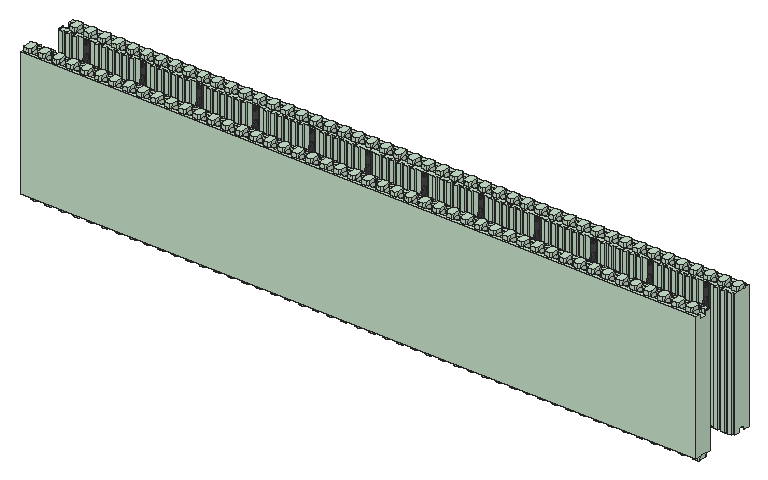
Revit family (continued)
Forms (mm)
  Extrusion 166, void
    sketch origin (1371.6, -25.355, 0) x (1, 0, 0) y (0, 1, 0)
      loop
        arc (29.796, 130.453) -> (26.615, 128.147) -> (25.4, 124.411) r 6.35
    from 0 to 12.7
  Extrusion 167, void
    sketch origin (1320.8, -25.355, 0) x (1, 0, 0) y (0, 1, 0)
      loop
        line (25.4, 124.411) -> (25.4, 101.014)
        arc (25.4, 101.014) -> (26.615, 97.278) -> (29.796, 94.972) r 6.35
        arc (29.796, 94.972) -> (36.091, 93.737) -> (42.5, 94.024) r 26.988
        arc (42.5, 94.024) -> (43.786, 93.668) -> (44.346, 92.457) r 1.587
        line (44.346, 92.457) -> (44.346, 86.829) -> (48.685, 86.829) -> (48.685, 95.62)
        arc (48.685, 95.62) -> (48.795, 96.199) -> (49.108, 96.698) r 1.588
        arc (49.108, 96.698) -> (50.362, 98.696) -> (50.8, 101.014) r 6.35
        line (50.8, 101.014) -> (50.8, 124.411)
        arc (50.8, 124.411) -> (49.585, 128.147) -> (46.404, 130.453) r 6.35
        arc (46.404, 130.453) -> (38.1, 131.763) -> (29.796, 130.453) r 26.987
        arc (29.796, 130.453) -> (26.615, 128.147) -> (25.4, 124.411) r 6.35
    from 0 to 12.7
  Extrusion 168, void
    sketch origin (1270, -25.355, 0) x (1, 0, 0) y (0, 1, 0)
      loop
        line (25.4, 124.411) -> (25.4, 101.014)
        arc (25.4, 101.014) -> (26.615, 97.278) -> (29.796, 94.972) r 6.35
        arc (29.796, 94.972) -> (36.091, 93.737) -> (42.5, 94.024) r 26.988
        arc (42.5, 94.024) -> (43.786, 93.668) -> (44.346, 92.457) r 1.587
        line (44.346, 92.457) -> (44.346, 86.829) -> (48.685, 86.829) -> (48.685, 95.62)
        arc (48.685, 95.62) -> (48.795, 96.199) -> (49.108, 96.698) r 1.588
        arc (49.108, 96.698) -> (50.362, 98.696) -> (50.8, 101.014) r 6.35
        line (50.8, 101.014) -> (50.8, 124.411)
        arc (50.8, 124.411) -> (49.585, 128.147) -> (46.404, 130.453) r 6.35
        arc (46.404, 130.453) -> (38.1, 131.763) -> (29.796, 130.453) r 26.987
        arc (29.796, 130.453) -> (26.615, 128.147) -> (25.4, 124.411) r 6.35
    from 0 to 12.7
  Extrusion 169, void
    sketch origin (1219.2, -25.355, 0) x (1, 0, 0) y (0, 1, 0)
      loop
        line (25.4, 124.411) -> (25.4, 101.014)
        arc (25.4, 101.014) -> (26.615, 97.278) -> (29.796, 94.972) r 6.35
        arc (29.796, 94.972) -> (36.091, 93.737) -> (42.5, 94.024) r 26.988
        arc (42.5, 94.024) -> (43.786, 93.668) -> (44.346, 92.457) r 1.587
        line (44.346, 92.457) -> (44.346, 86.829) -> (48.685, 86.829) -> (48.685, 95.62)
        arc (48.685, 95.62) -> (48.795, 96.199) -> (49.108, 96.698) r 1.588
        arc (49.108, 96.698) -> (50.362, 98.696) -> (50.8, 101.014) r 6.35
        line (50.8, 101.014) -> (50.8, 124.411)
        arc (50.8, 124.411) -> (49.585, 128.147) -> (46.404, 130.453) r 6.35
        arc (46.404, 130.453) -> (38.1, 131.763) -> (29.796, 130.453) r 26.987
        arc (29.796, 130.453) -> (26.615, 128.147) -> (25.4, 124.411) r 6.35
    from 0 to 12.7
  Extrusion 170, void
    sketch origin (1168.4, -25.355, 0) x (1, 0, 0) y (0, 1, 0)
      loop
        line (25.4, 124.411) -> (25.4, 101.014)
        arc (25.4, 101.014) -> (26.615, 97.278) -> (29.796, 94.972) r 6.35
        arc (29.796, 94.972) -> (36.091, 93.737) -> (42.5, 94.024) r 26.988
        arc (42.5, 94.024) -> (43.786, 93.668) -> (44.346, 92.457) r 1.587
        line (44.346, 92.457) -> (44.346, 86.829) -> (48.685, 86.829) -> (48.685, 95.62)
        arc (48.685, 95.62) -> (48.795, 96.199) -> (49.108, 96.698) r 1.588
        arc (49.108, 96.698) -> (50.362, 98.696) -> (50.8, 101.014) r 6.35
        line (50.8, 101.014) -> (50.8, 124.411)
        arc (50.8, 124.411) -> (49.585, 128.147) -> (46.404, 130.453) r 6.35
        arc (46.404, 130.453) -> (38.1, 131.763) -> (29.796, 130.453) r 26.987
        arc (29.796, 130.453) -> (26.615, 128.147) -> (25.4, 124.411) r 6.35
    from 0 to 12.7
  Extrusion 171, void
    sketch origin (1117.6, -25.355, 0) x (1, 0, 0) y (0, 1, 0)
      loop
        line (25.4, 124.411) -> (25.4, 101.014)
        arc (25.4, 101.014) -> (26.615, 97.278) -> (29.796, 94.972) r 6.35
        arc (29.796, 94.972) -> (36.091, 93.737) -> (42.5, 94.024) r 26.988
        arc (42.5, 94.024) -> (43.786, 93.668) -> (44.346, 92.457) r 1.587
        line (44.346, 92.457) -> (44.346, 86.829) -> (48.685, 86.829) -> (48.685, 95.62)
        arc (48.685, 95.62) -> (48.795, 96.199) -> (49.108, 96.698) r 1.588
        arc (49.108, 96.698) -> (50.362, 98.696) -> (50.8, 101.014) r 6.35
        line (50.8, 101.014) -> (50.8, 124.411)
        arc (50.8, 124.411) -> (49.585, 128.147) -> (46.404, 130.453) r 6.35
        arc (46.404, 130.453) -> (38.1, 131.763) -> (29.796, 130.453) r 26.987
        arc (29.796, 130.453) -> (26.615, 128.147) -> (25.4, 124.411) r 6.35
    from 0 to 12.7
  Extrusion 172, void
    sketch origin (1066.8, -25.355, 0) x (1, 0, 0) y (0, 1, 0)
      loop
        line (25.4, 124.411) -> (25.4, 101.014)
        arc (25.4, 101.014) -> (26.615, 97.278) -> (29.796, 94.972) r 6.35
        arc (29.796, 94.972) -> (36.091, 93.737) -> (42.5, 94.024) r 26.988
        arc (42.5, 94.024) -> (43.786, 93.668) -> (44.346, 92.457) r 1.587
        line (44.346, 92.457) -> (44.346, 86.829) -> (48.685, 86.829) -> (48.685, 95.62)
        arc (48.685, 95.62) -> (48.795, 96.199) -> (49.108, 96.698) r 1.588
        arc (49.108, 96.698) -> (50.362, 98.696) -> (50.8, 101.014) r 6.35
        line (50.8, 101.014) -> (50.8, 124.411)
        arc (50.8, 124.411) -> (49.585, 128.147) -> (46.404, 130.453) r 6.35
        arc (46.404, 130.453) -> (38.1, 131.763) -> (29.796, 130.453) r 26.987
        arc (29.796, 130.453) -> (26.615, 128.147) -> (25.4, 124.411) r 6.35
    from 0 to 12.7
  Extrusion 173, void
    sketch origin (1016, -25.355, 0) x (1, 0, 0) y (0, 1, 0)
      loop
        line (25.4, 124.411) -> (25.4, 101.014)
        arc (25.4, 101.014) -> (26.615, 97.278) -> (29.796, 94.972) r 6.35
        arc (29.796, 94.972) -> (36.091, 93.737) -> (42.5, 94.024) r 26.988
        arc (42.5, 94.024) -> (43.786, 93.668) -> (44.346, 92.457) r 1.587
        line (44.346, 92.457) -> (44.346, 86.829) -> (48.685, 86.829) -> (48.685, 95.62)
        arc (48.685, 95.62) -> (48.795, 96.199) -> (49.108, 96.698) r 1.588
        arc (49.108, 96.698) -> (50.362, 98.696) -> (50.8, 101.014) r 6.35
        line (50.8, 101.014) -> (50.8, 124.411)
        arc (50.8, 124.411) -> (49.585, 128.147) -> (46.404, 130.453) r 6.35
        arc (46.404, 130.453) -> (38.1, 131.763) -> (29.796, 130.453) r 26.987
        arc (29.796, 130.453) -> (26.615, 128.147) -> (25.4, 124.411) r 6.35
    from 0 to 12.7
  Extrusion 174, void
    sketch origin (965.2, -25.355, 0) x (1, 0, 0) y (0, 1, 0)
      loop
        line (25.4, 124.411) -> (25.4, 101.014)
        arc (25.4, 101.014) -> (26.615, 97.278) -> (29.796, 94.972) r 6.35
        arc (29.796, 94.972) -> (36.091, 93.737) -> (42.5, 94.024) r 26.988
        arc (42.5, 94.024) -> (43.786, 93.668) -> (44.346, 92.457) r 1.587
        line (44.346, 92.457) -> (44.346, 86.829) -> (48.685, 86.829) -> (48.685, 95.62)
        arc (48.685, 95.62) -> (48.795, 96.199) -> (49.108, 96.698) r 1.588
        arc (49.108, 96.698) -> (50.362, 98.696) -> (50.8, 101.014) r 6.35
        line (50.8, 101.014) -> (50.8, 124.411)
        arc (50.8, 124.411) -> (49.585, 128.147) -> (46.404, 130.453) r 6.35
        arc (46.404, 130.453) -> (38.1, 131.763) -> (29.796, 130.453) r 26.987
        arc (29.796, 130.453) -> (26.615, 128.147) -> (25.4, 124.411) r 6.35
    from 0 to 12.7
  Extrusion 175, void
    sketch origin (914.4, -25.355, 0) x (1, 0, 0) y (0, 1, 0)
      loop
        line (25.4, 124.411) -> (25.4, 101.014)
        arc (25.4, 101.014) -> (26.615, 97.278) -> (29.796, 94.972) r 6.35
        arc (29.796, 94.972) -> (36.091, 93.737) -> (42.5, 94.024) r 26.988
        arc (42.5, 94.024) -> (43.786, 93.668) -> (44.346, 92.457) r 1.587
        line (44.346, 92.457) -> (44.346, 86.829) -> (48.685, 86.829) -> (48.685, 95.62)
        arc (48.685, 95.62) -> (48.795, 96.199) -> (49.108, 96.698) r 1.588
        arc (49.108, 96.698) -> (50.362, 98.696) -> (50.8, 101.014) r 6.35
        line (50.8, 101.014) -> (50.8, 124.411)
        arc (50.8, 124.411) -> (49.585, 128.147) -> (46.404, 130.453) r 6.35
        arc (46.404, 130.453) -> (38.1, 131.763) -> (29.796, 130.453) r 26.987
        arc (29.796, 130.453) -> (26.615, 128.147) -> (25.4, 124.411) r 6.35
    from 0 to 12.7
  Extrusion 176, void
    sketch origin (863.6, -25.355, 0) x (1, 0, 0) y (0, 1, 0)
      loop
        line (25.4, 124.411) -> (25.4, 101.014)
        arc (25.4, 101.014) -> (26.615, 97.278) -> (29.796, 94.972) r 6.35
        arc (29.796, 94.972) -> (36.091, 93.737) -> (42.5, 94.024) r 26.988
        arc (42.5, 94.024) -> (43.786, 93.668) -> (44.346, 92.457) r 1.587
        line (44.346, 92.457) -> (44.346, 86.829) -> (48.685, 86.829) -> (48.685, 95.62)
        arc (48.685, 95.62) -> (48.795, 96.199) -> (49.108, 96.698) r 1.588
        arc (49.108, 96.698) -> (50.362, 98.696) -> (50.8, 101.014) r 6.35
        line (50.8, 101.014) -> (50.8, 124.411)
        arc (50.8, 124.411) -> (49.585, 128.147) -> (46.404, 130.453) r 6.35
        arc (46.404, 130.453) -> (38.1, 131.763) -> (29.796, 130.453) r 26.987
        arc (29.796, 130.453) -> (26.615, 128.147) -> (25.4, 124.411) r 6.35
    from 0 to 12.7
  Extrusion 177, void
    sketch origin (812.8, -25.355, 0) x (1, 0, 0) y (0, 1, 0)
      loop
        line (25.4, 124.411) -> (25.4, 101.014)
        arc (25.4, 101.014) -> (26.615, 97.278) -> (29.796, 94.972) r 6.35
        arc (29.796, 94.972) -> (36.091, 93.737) -> (42.5, 94.024) r 26.988
        arc (42.5, 94.024) -> (43.786, 93.668) -> (44.346, 92.457) r 1.587
        line (44.346, 92.457) -> (44.346, 86.829) -> (48.685, 86.829) -> (48.685, 95.62)
        arc (48.685, 95.62) -> (48.795, 96.199) -> (49.108, 96.698) r 1.588
        arc (49.108, 96.698) -> (50.362, 98.696) -> (50.8, 101.014) r 6.35
        line (50.8, 101.014) -> (50.8, 124.411)
        arc (50.8, 124.411) -> (49.585, 128.147) -> (46.404, 130.453) r 6.35
        arc (46.404, 130.453) -> (38.1, 131.763) -> (29.796, 130.453) r 26.987
        arc (29.796, 130.453) -> (26.615, 128.147) -> (25.4, 124.411) r 6.35
    from 0 to 12.7
  Extrusion 178, void
    sketch origin (762, -25.355, 0) x (1, 0, 0) y (0, 1, 0)
      loop
        line (25.4, 124.411) -> (25.4, 101.014)
        arc (25.4, 101.014) -> (26.615, 97.278) -> (29.796, 94.972) r 6.35
        arc (29.796, 94.972) -> (36.091, 93.737) -> (42.5, 94.024) r 26.988
        arc (42.5, 94.024) -> (43.786, 93.668) -> (44.346, 92.457) r 1.587
        line (44.346, 92.457) -> (44.346, 86.829) -> (48.685, 86.829) -> (48.685, 95.62)
        arc (48.685, 95.62) -> (48.795, 96.199) -> (49.108, 96.698) r 1.588
        arc (49.108, 96.698) -> (50.362, 98.696) -> (50.8, 101.014) r 6.35
        line (50.8, 101.014) -> (50.8, 124.411)
        arc (50.8, 124.411) -> (49.585, 128.147) -> (46.404, 130.453) r 6.35
        arc (46.404, 130.453) -> (38.1, 131.763) -> (29.796, 130.453) r 26.987
        arc (29.796, 130.453) -> (26.615, 128.147) -> (25.4, 124.411) r 6.35
    from 0 to 12.7
  Extrusion 179, void
    sketch origin (711.2, -25.355, 0) x (1, 0, 0) y (0, 1, 0)
      loop
        line (25.4, 124.411) -> (25.4, 101.014)
        arc (25.4, 101.014) -> (26.615, 97.278) -> (29.796, 94.972) r 6.35
        arc (29.796, 94.972) -> (36.091, 93.737) -> (42.5, 94.024) r 26.988
        arc (42.5, 94.024) -> (43.786, 93.668) -> (44.346, 92.457) r 1.587
        line (44.346, 92.457) -> (44.346, 86.829) -> (48.685, 86.829) -> (48.685, 95.62)
        arc (48.685, 95.62) -> (48.795, 96.199) -> (49.108, 96.698) r 1.588
        arc (49.108, 96.698) -> (50.362, 98.696) -> (50.8, 101.014) r 6.35
        line (50.8, 101.014) -> (50.8, 124.411)
        arc (50.8, 124.411) -> (49.585, 128.147) -> (46.404, 130.453) r 6.35
        arc (46.404, 130.453) -> (38.1, 131.763) -> (29.796, 130.453) r 26.987
        arc (29.796, 130.453) -> (26.615, 128.147) -> (25.4, 124.411) r 6.35
    from 0 to 12.7
  Extrusion 180, void
    sketch origin (660.4, -25.355, 0) x (1, 0, 0) y (0, 1, 0)
      loop
        line (25.4, 124.411) -> (25.4, 101.014)
        arc (25.4, 101.014) -> (26.615, 97.278) -> (29.796, 94.972) r 6.35
        arc (29.796, 94.972) -> (36.091, 93.737) -> (42.5, 94.024) r 26.988
        arc (42.5, 94.024) -> (43.786, 93.668) -> (44.346, 92.457) r 1.587
        line (44.346, 92.457) -> (44.346, 86.829) -> (48.685, 86.829) -> (48.685, 95.62)
        arc (48.685, 95.62) -> (48.795, 96.199) -> (49.108, 96.698) r 1.588
        arc (49.108, 96.698) -> (50.362, 98.696) -> (50.8, 101.014) r 6.35
        line (50.8, 101.014) -> (50.8, 124.411)
        arc (50.8, 124.411) -> (49.585, 128.147) -> (46.404, 130.453) r 6.35
        arc (46.404, 130.453) -> (38.1, 131.763) -> (29.796, 130.453) r 26.987
        arc (29.796, 130.453) -> (26.615, 128.147) -> (25.4, 124.411) r 6.35
    from 0 to 12.7
  Extrusion 181, void
    sketch origin (609.6, -25.355, 0) x (1, 0, 0) y (0, 1, 0)
      loop
        line (25.4, 124.411) -> (25.4, 101.014)
        arc (25.4, 101.014) -> (26.615, 97.278) -> (29.796, 94.972) r 6.35
        arc (29.796, 94.972) -> (36.091, 93.737) -> (42.5, 94.024) r 26.988
        arc (42.5, 94.024) -> (43.786, 93.668) -> (44.346, 92.457) r 1.587
        line (44.346, 92.457) -> (44.346, 86.829) -> (48.685, 86.829) -> (48.685, 95.62)
        arc (48.685, 95.62) -> (48.795, 96.199) -> (49.108, 96.698) r 1.588
        arc (49.108, 96.698) -> (50.362, 98.696) -> (50.8, 101.014) r 6.35
        line (50.8, 101.014) -> (50.8, 124.411)
        arc (50.8, 124.411) -> (49.585, 128.147) -> (46.404, 130.453) r 6.35
        arc (46.404, 130.453) -> (38.1, 131.763) -> (29.796, 130.453) r 26.987
        arc (29.796, 130.453) -> (26.615, 128.147) -> (25.4, 124.411) r 6.35
    from 0 to 12.7
  Extrusion 182, void
    sketch origin (558.8, -25.355, 0) x (1, 0, 0) y (0, 1, 0)
      loop
        line (25.4, 124.411) -> (25.4, 101.014)
        arc (25.4, 101.014) -> (26.615, 97.278) -> (29.796, 94.972) r 6.35
        arc (29.796, 94.972) -> (36.091, 93.737) -> (42.5, 94.024) r 26.988
        arc (42.5, 94.024) -> (43.786, 93.668) -> (44.346, 92.457) r 1.587
        line (44.346, 92.457) -> (44.346, 86.829) -> (48.685, 86.829) -> (48.685, 95.62)
        arc (48.685, 95.62) -> (48.795, 96.199) -> (49.108, 96.698) r 1.588
        arc (49.108, 96.698) -> (50.362, 98.696) -> (50.8, 101.014) r 6.35
        line (50.8, 101.014) -> (50.8, 124.411)
        arc (50.8, 124.411) -> (49.585, 128.147) -> (46.404, 130.453) r 6.35
        arc (46.404, 130.453) -> (38.1, 131.763) -> (29.796, 130.453) r 26.987
        arc (29.796, 130.453) -> (26.615, 128.147) -> (25.4, 124.411) r 6.35
    from 0 to 12.7
  Extrusion 183, void
    sketch origin (508, -25.355, 0) x (1, 0, 0) y (0, 1, 0)
      loop
        line (25.4, 124.411) -> (25.4, 101.014)
        arc (25.4, 101.014) -> (26.615, 97.278) -> (29.796, 94.972) r 6.35
        arc (29.796, 94.972) -> (36.091, 93.737) -> (42.5, 94.024) r 26.988
        arc (42.5, 94.024) -> (43.786, 93.668) -> (44.346, 92.457) r 1.587
        line (44.346, 92.457) -> (44.346, 86.829) -> (48.685, 86.829) -> (48.685, 95.62)
        arc (48.685, 95.62) -> (48.795, 96.199) -> (49.108, 96.698) r 1.588
        arc (49.108, 96.698) -> (50.362, 98.696) -> (50.8, 101.014) r 6.35
        line (50.8, 101.014) -> (50.8, 124.411)
        arc (50.8, 124.411) -> (49.585, 128.147) -> (46.404, 130.453) r 6.35
        arc (46.404, 130.453) -> (38.1, 131.763) -> (29.796, 130.453) r 26.987
        arc (29.796, 130.453) -> (26.615, 128.147) -> (25.4, 124.411) r 6.35
    from 0 to 12.7
  Extrusion 184, void
    sketch origin (457.2, -25.355, 0) x (1, 0, 0) y (0, 1, 0)
      loop
        line (25.4, 124.411) -> (25.4, 101.014)
        arc (25.4, 101.014) -> (26.615, 97.278) -> (29.796, 94.972) r 6.35
        arc (29.796, 94.972) -> (36.091, 93.737) -> (42.5, 94.024) r 26.988
        arc (42.5, 94.024) -> (43.786, 93.668) -> (44.346, 92.457) r 1.587
        line (44.346, 92.457) -> (44.346, 86.829) -> (48.685, 86.829) -> (48.685, 95.62)
        arc (48.685, 95.62) -> (48.795, 96.199) -> (49.108, 96.698) r 1.588
        arc (49.108, 96.698) -> (50.362, 98.696) -> (50.8, 101.014) r 6.35
        line (50.8, 101.014) -> (50.8, 124.411)
        arc (50.8, 124.411) -> (49.585, 128.147) -> (46.404, 130.453) r 6.35
        arc (46.404, 130.453) -> (38.1, 131.763) -> (29.796, 130.453) r 26.987
        arc (29.796, 130.453) -> (26.615, 128.147) -> (25.4, 124.411) r 6.35
    from 0 to 12.7
  Extrusion 185, void
    sketch origin (406.4, -25.355, 0) x (1, 0, 0) y (0, 1, 0)
      loop
        line (25.4, 124.411) -> (25.4, 101.014)
        arc (25.4, 101.014) -> (26.615, 97.278) -> (29.796, 94.972) r 6.35
        arc (29.796, 94.972) -> (36.091, 93.737) -> (42.5, 94.024) r 26.988
        arc (42.5, 94.024) -> (43.786, 93.668) -> (44.346, 92.457) r 1.587
        line (44.346, 92.457) -> (44.346, 86.829) -> (48.685, 86.829) -> (48.685, 95.62)
        arc (48.685, 95.62) -> (48.795, 96.199) -> (49.108, 96.698) r 1.588
        arc (49.108, 96.698) -> (50.362, 98.696) -> (50.8, 101.014) r 6.35
        line (50.8, 101.014) -> (50.8, 124.411)
        arc (50.8, 124.411) -> (49.585, 128.147) -> (46.404, 130.453) r 6.35
        arc (46.404, 130.453) -> (38.1, 131.763) -> (29.796, 130.453) r 26.987
        arc (29.796, 130.453) -> (26.615, 128.147) -> (25.4, 124.411) r 6.35
    from 0 to 12.7
  Extrusion 186, void
    sketch origin (355.6, -25.355, 0) x (1, 0, 0) y (0, 1, 0)
      loop
        line (25.4, 124.411) -> (25.4, 101.014)
        arc (25.4, 101.014) -> (26.615, 97.278) -> (29.796, 94.972) r 6.35
        arc (29.796, 94.972) -> (36.091, 93.737) -> (42.5, 94.024) r 26.988
        arc (42.5, 94.024) -> (43.786, 93.668) -> (44.346, 92.457) r 1.587
        line (44.346, 92.457) -> (44.346, 86.829) -> (48.685, 86.829) -> (48.685, 95.62)
        arc (48.685, 95.62) -> (48.795, 96.199) -> (49.108, 96.698) r 1.588
        arc (49.108, 96.698) -> (50.362, 98.696) -> (50.8, 101.014) r 6.35
        line (50.8, 101.014) -> (50.8, 124.411)
        arc (50.8, 124.411) -> (49.585, 128.147) -> (46.404, 130.453) r 6.35
        arc (46.404, 130.453) -> (38.1, 131.763) -> (29.796, 130.453) r 26.987
        arc (29.796, 130.453) -> (26.615, 128.147) -> (25.4, 124.411) r 6.35
    from 0 to 12.7
  Extrusion 187, void
    sketch origin (304.8, -25.355, 0) x (1, 0, 0) y (0, 1, 0)
      loop
        line (25.4, 124.411) -> (25.4, 101.014)
        arc (25.4, 101.014) -> (26.615, 97.278) -> (29.796, 94.972) r 6.35
        arc (29.796, 94.972) -> (36.091, 93.737) -> (42.5, 94.024) r 26.988
        arc (42.5, 94.024) -> (43.786, 93.668) -> (44.346, 92.457) r 1.587
        line (44.346, 92.457) -> (44.346, 86.829) -> (48.685, 86.829) -> (48.685, 95.62)
        arc (48.685, 95.62) -> (48.795, 96.199) -> (49.108, 96.698) r 1.588
        arc (49.108, 96.698) -> (50.362, 98.696) -> (50.8, 101.014) r 6.35
        line (50.8, 101.014) -> (50.8, 124.411)
        arc (50.8, 124.411) -> (49.585, 128.147) -> (46.404, 130.453) r 6.35
        arc (46.404, 130.453) -> (38.1, 131.763) -> (29.796, 130.453) r 26.987
        arc (29.796, 130.453) -> (26.615, 128.147) -> (25.4, 124.411) r 6.35
    from 0 to 12.7
  Extrusion 188, void
    sketch origin (254, -25.355, 0) x (1, 0, 0) y (0, 1, 0)
      loop
        line (25.4, 124.411) -> (25.4, 101.014)
        arc (25.4, 101.014) -> (26.615, 97.278) -> (29.796, 94.972) r 6.35
        arc (29.796, 94.972) -> (36.091, 93.737) -> (42.5, 94.024) r 26.988
        arc (42.5, 94.024) -> (43.786, 93.668) -> (44.346, 92.457) r 1.587
        line (44.346, 92.457) -> (44.346, 86.829) -> (48.685, 86.829) -> (48.685, 95.62)
        arc (48.685, 95.62) -> (48.795, 96.199) -> (49.108, 96.698) r 1.588
        arc (49.108, 96.698) -> (50.362, 98.696) -> (50.8, 101.014) r 6.35
        line (50.8, 101.014) -> (50.8, 124.411)
        arc (50.8, 124.411) -> (49.585, 128.147) -> (46.404, 130.453) r 6.35
        arc (46.404, 130.453) -> (38.1, 131.763) -> (29.796, 130.453) r 26.987
        arc (29.796, 130.453) -> (26.615, 128.147) -> (25.4, 124.411) r 6.35
    from 0 to 12.7
  Extrusion 189, void
    sketch origin (203.2, -25.355, 0) x (1, 0, 0) y (0, 1, 0)
      loop
        line (25.4, 124.411) -> (25.4, 101.014)
        arc (25.4, 101.014) -> (26.615, 97.278) -> (29.796, 94.972) r 6.35
        arc (29.796, 94.972) -> (36.091, 93.737) -> (42.5, 94.024) r 26.988
        arc (42.5, 94.024) -> (43.786, 93.668) -> (44.346, 92.457) r 1.587
        line (44.346, 92.457) -> (44.346, 86.829) -> (48.685, 86.829) -> (48.685, 95.62)
        arc (48.685, 95.62) -> (48.795, 96.199) -> (49.108, 96.698) r 1.588
        arc (49.108, 96.698) -> (50.362, 98.696) -> (50.8, 101.014) r 6.35
        line (50.8, 101.014) -> (50.8, 124.411)
        arc (50.8, 124.411) -> (49.585, 128.147) -> (46.404, 130.453) r 6.35
        arc (46.404, 130.453) -> (38.1, 131.763) -> (29.796, 130.453) r 26.987
        arc (29.796, 130.453) -> (26.615, 128.147) -> (25.4, 124.411) r 6.35
    from 0 to 12.7
  Extrusion 190, void
    sketch origin (152.4, -25.355, 0) x (1, 0, 0) y (0, 1, 0)
      loop
        line (25.4, 124.411) -> (25.4, 101.014)
        arc (25.4, 101.014) -> (26.615, 97.278) -> (29.796, 94.972) r 6.35
        arc (29.796, 94.972) -> (36.091, 93.737) -> (42.5, 94.024) r 26.988
        arc (42.5, 94.024) -> (43.786, 93.668) -> (44.346, 92.457) r 1.587
        line (44.346, 92.457) -> (44.346, 86.829) -> (48.685, 86.829) -> (48.685, 95.62)
        arc (48.685, 95.62) -> (48.795, 96.199) -> (49.108, 96.698) r 1.588
        arc (49.108, 96.698) -> (50.362, 98.696) -> (50.8, 101.014) r 6.35
        line (50.8, 101.014) -> (50.8, 124.411)
        arc (50.8, 124.411) -> (49.585, 128.147) -> (46.404, 130.453) r 6.35
        arc (46.404, 130.453) -> (38.1, 131.763) -> (29.796, 130.453) r 26.987
        arc (29.796, 130.453) -> (26.615, 128.147) -> (25.4, 124.411) r 6.35
    from 0 to 12.7
  Extrusion 191, void
    sketch origin (101.6, -25.355, 0) x (1, 0, 0) y (0, 1, 0)
      loop
        line (25.4, 124.411) -> (25.4, 101.014)
        arc (25.4, 101.014) -> (26.615, 97.278) -> (29.796, 94.972) r 6.35
        arc (29.796, 94.972) -> (36.091, 93.737) -> (42.5, 94.024) r 26.988
        arc (42.5, 94.024) -> (43.786, 93.668) -> (44.346, 92.457) r 1.587
        line (44.346, 92.457) -> (44.346, 86.829) -> (48.685, 86.829) -> (48.685, 95.62)
        arc (48.685, 95.62) -> (48.795, 96.199) -> (49.108, 96.698) r 1.588
        arc (49.108, 96.698) -> (50.362, 98.696) -> (50.8, 101.014) r 6.35
        line (50.8, 101.014) -> (50.8, 124.411)
        arc (50.8, 124.411) -> (49.585, 128.147) -> (46.404, 130.453) r 6.35
        arc (46.404, 130.453) -> (38.1, 131.763) -> (29.796, 130.453) r 26.987
        arc (29.796, 130.453) -> (26.615, 128.147) -> (25.4, 124.411) r 6.35
    from 0 to 12.7
  Extrusion 192, void
    sketch origin (50.8, -25.355, 0) x (1, 0, 0) y (0, 1, 0)
      loop
        line (25.4, 124.411) -> (25.4, 101.014)
        arc (25.4, 101.014) -> (26.615, 97.278) -> (29.796, 94.972) r 6.35
        arc (29.796, 94.972) -> (36.091, 93.737) -> (42.5, 94.024) r 26.988
        arc (42.5, 94.024) -> (43.786, 93.668) -> (44.346, 92.457) r 1.587
        line (44.346, 92.457) -> (44.346, 86.829) -> (48.685, 86.829) -> (48.685, 95.62)
        arc (48.685, 95.62) -> (48.795, 96.199) -> (49.108, 96.698) r 1.588
        arc (49.108, 96.698) -> (50.362, 98.696) -> (50.8, 101.014) r 6.35
        line (50.8, 101.014) -> (50.8, 124.411)
        arc (50.8, 124.411) -> (49.585, 128.147) -> (46.404, 130.453) r 6.35
        arc (46.404, 130.453) -> (38.1, 131.763) -> (29.796, 130.453) r 26.987
        arc (29.796, 130.453) -> (26.615, 128.147) -> (25.4, 124.411) r 6.35
    from 0 to 12.7
  Extrusion 193, void
    sketch origin (0, -25.355, 0) x (1, 0, 0) y (0, 1, 0)
      loop
        line (25.4, 124.411) -> (25.4, 101.014)
        arc (25.4, 101.014) -> (26.615, 97.278) -> (29.796, 94.972) r 6.35
        arc (29.796, 94.972) -> (36.091, 93.737) -> (42.5, 94.024) r 26.988
        arc (42.5, 94.024) -> (43.786, 93.668) -> (44.346, 92.457) r 1.587
        line (44.346, 92.457) -> (44.346, 86.829) -> (48.685, 86.829) -> (48.685, 95.62)
        arc (48.685, 95.62) -> (48.795, 96.199) -> (49.108, 96.698) r 1.588
        arc (49.108, 96.698) -> (50.362, 98.696) -> (50.8, 101.014) r 6.35
        line (50.8, 101.014) -> (50.8, 124.411)
        arc (50.8, 124.411) -> (49.585, 128.147) -> (46.404, 130.453) r 6.35
        arc (46.404, 130.453) -> (38.1, 131.763) -> (29.796, 130.453) r 26.987
        arc (29.796, 130.453) -> (26.615, 128.147) -> (25.4, 124.411) r 6.35
    from 0 to 12.7
Cuts and joins
  Extrusion 2, Extrusion 3, Extrusion 4, Extrusion 5, Extrusion 6, Extrusion 7, Extrusion 8, Extrusion 9, Extrusion 10, Extrusion 11, Extrusion 12, Extrusion 13, Extrusion 14, Extrusion 15, Extrusion 16, Extrusion 17, Extrusion 18, Extrusion 19, Extrusion 20, Extrusion 21, Extrusion 22, Extrusion 23, Extrusion 24, Extrusion 25, Extrusion 26, Extrusion 27, Extrusion 28, Extrusion 29, Extrusion 30, Extrusion 31, Extrusion 32, Extrusion 33, Extrusion 34, Extrusion 35, Extrusion 36, Extrusion 37, Extrusion 38, Extrusion 39, Extrusion 40, Extrusion 41, Extrusion 42, Extrusion 43, Extrusion 44, Extrusion 45, Extrusion 46, Extrusion 47, Extrusion 48, Extrusion 49, Extrusion 50, Extrusion 51, Extrusion 52, Extrusion 53, Extrusion 54, Extrusion 55, Extrusion 56, Extrusion 57, Extrusion 58, Extrusion 59, Extrusion 60, Extrusion 61, Extrusion 62, Extrusion 63, Extrusion 64, Extrusion 65, Extrusion 66, Extrusion 67, Extrusion 68, Extrusion 69, Extrusion 70, Extrusion 71, Extrusion 72, Extrusion 73, Extrusion 74, Extrusion 75, Extrusion 76, Extrusion 77, Extrusion 78, Extrusion 79, Extrusion 80, Extrusion 81, Extrusion 82, Extrusion 83, Extrusion 84, Extrusion 85, Extrusion 86, Extrusion 87, Extrusion 88, Extrusion 89, Extrusion 90, Extrusion 91, Extrusion 92, Extrusion 93, Extrusion 94, Extrusion 95, Extrusion 96, Extrusion 97, Extrusion 98, Extrusion 99, Extrusion 100, Extrusion 101, Extrusion 102, Extrusion 103, Extrusion 104, Extrusion 105, Extrusion 106, Extrusion 107, Extrusion 108, Extrusion 109, Extrusion 110, Extrusion 111, Extrusion 112, Extrusion 113, Extrusion 114, Extrusion 115, Extrusion 116, Extrusion 117, Extrusion 118, Extrusion 119, Extrusion 120, Extrusion 121, Extrusion 122, Extrusion 123, Extrusion 124, Extrusion 125, Extrusion 126, Extrusion 127, Extrusion 128, Extrusion 129, Extrusion 130, Extrusion 131, Extrusion 132, Extrusion 133, Extrusion 134, Extrusion 135, Extrusion 136, Extrusion 137, Extrusion 138, Extrusion 139, Extrusion 140, Extrusion 141, Extrusion 142, Extrusion 143, Extrusion 144, Extrusion 145, Extrusion 146, Extrusion 147, Extrusion 148, Extrusion 149, Extrusion 150, Extrusion 151, Extrusion 152, Extrusion 153, Extrusion 154, Extrusion 155, Extrusion 156, Extrusion 157, Extrusion 158, Extrusion 159, Extrusion 160, Extrusion 161, Extrusion 162, Extrusion 163, Extrusion 164, Extrusion 165, Extrusion 166, Extrusion 167, Extrusion 168, Extrusion 169, Extrusion 170, Extrusion 171, Extrusion 172, Extrusion 173, Extrusion 174, Extrusion 175, Extrusion 176, Extrusion 177, Extrusion 178, Extrusion 179, Extrusion 180, Extrusion 181, Extrusion 182, Extrusion 183, Extrusion 184, Extrusion 185, Extrusion 186, Extrusion 187, Extrusion 188, Extrusion 189, Extrusion 190, Extrusion 191, Extrusion 192, Extrusion 193 cuts Extrusion 1
Lines and regions (mm)
  model lines
    curve 1: line (203.2, -117.43, 457.2) -> (203.2, -117.43, 0)
    curve 2: line (2235.2, 117.52, 457.2) -> (2235.2, 117.52, 0)
    curve 3: line (1625.6, 117.52, 457.2) -> (1625.6, 117.52, 0)
    curve 4: line (1016, 117.52, 457.2) -> (1016, 117.52, 0)
    curve 5: line (406.4, 117.52, 457.2) -> (406.4, 117.52, 0)
Dimensions and locks
  aligned and locked: level to plane 2
  aligned and locked: level to Extrusion 1
Nested families
  nested 1: "NUDURA Diamond Pattern" at (0, 25.445, 0), type "NUDURA Diamond Pattern"
  nested 2: "NUDURA Diamond Pattern" at (406.4, 25.445, 0), type "NUDURA Diamond Pattern"
  nested 3: "NUDURA Diamond Pattern" at (609.6, 25.445, 0), type "NUDURA Diamond Pattern"
  nested 4: "NUDURA Diamond Pattern" at (1016, 25.445, 0), type "NUDURA Diamond Pattern"
  nested 5: "NUDURA Diamond Pattern" at (1219.2, 25.445, 0), type "NUDURA Diamond Pattern"
  nested 6: "NUDURA Diamond Pattern" at (1625.6, 25.445, 0), type "NUDURA Diamond Pattern"
  nested 7: "NUDURA Diamond Pattern" at (1828.8, 25.445, 0), type "NUDURA Diamond Pattern"
  nested 8: "NUDURA Diamond Pattern" at (2235.2, 25.445, 0), type "NUDURA Diamond Pattern"
  nested 9: "NUDURA Diamond Pattern" at (0, -25.355, 0), type "NUDURA Diamond Pattern"
  nested 10: "NUDURA Diamond Pattern" at (406.4, -25.355, 0), type "NUDURA Diamond Pattern"
  nested 11: "NUDURA Diamond Pattern" at (609.6, -25.355, 0), type "NUDURA Diamond Pattern"
  nested 12: "NUDURA Diamond Pattern" at (1016, -25.355, 0), type "NUDURA Diamond Pattern"
  nested 13: "NUDURA Diamond Pattern" at (1219.2, -25.355, 0), type "NUDURA Diamond Pattern"
  nested 14: "NUDURA Diamond Pattern" at (1625.6, -25.355, 0), type "NUDURA Diamond Pattern"
  nested 15: "NUDURA Diamond Pattern" at (1828.8, -25.355, 0), type "NUDURA Diamond Pattern"
  nested 16: "NUDURA Diamond Pattern" at (2235.2, -25.355, 0), type "NUDURA Diamond Pattern"
  nested 17: "Interlock Tooth" at (0, 25.445, 0), type "Interlock Tooth"
  nested 18: "Interlock Tooth" at (50.8, 25.445, 0), type "Interlock Tooth"
  nested 19: "Interlock Tooth" at (101.6, 25.445, 0), type "Interlock Tooth"
  nested 20: "Interlock Tooth" at (152.4, 25.445, 0), type "Interlock Tooth"
  nested 21: "Interlock Tooth" at (203.2, 25.445, 0), type "Interlock Tooth"
  nested 22: "Interlock Tooth" at (254, 25.445, 0), type "Interlock Tooth"
  nested 23: "Interlock Tooth" at (304.8, 25.445, 0), type "Interlock Tooth"
  nested 24: "Interlock Tooth" at (355.6, 25.445, 0), type "Interlock Tooth"
  nested 25: "Interlock Tooth" at (406.4, 25.445, 0), type "Interlock Tooth"
  nested 26: "Interlock Tooth" at (457.2, 25.445, 0), type "Interlock Tooth"
  nested 27: "Interlock Tooth" at (508, 25.445, 0), type "Interlock Tooth"
  nested 28: "Interlock Tooth" at (558.8, 25.445, 0), type "Interlock Tooth"
  nested 29: "Interlock Tooth" at (609.6, 25.445, 0), type "Interlock Tooth"
  nested 30: "Interlock Tooth" at (660.4, 25.445, 0), type "Interlock Tooth"
  nested 31: "Interlock Tooth" at (711.2, 25.445, 0), type "Interlock Tooth"
  nested 32: "Interlock Tooth" at (762, 25.445, 0), type "Interlock Tooth"
  nested 33: "Interlock Tooth" at (812.8, 25.445, 0), type "Interlock Tooth"
  nested 34: "Interlock Tooth" at (863.6, 25.445, 0), type "Interlock Tooth"
  nested 35: "Interlock Tooth" at (914.4, 25.445, 0), type "Interlock Tooth"
  nested 36: "Interlock Tooth" at (965.2, 25.445, 0), type "Interlock Tooth"
  nested 37: "Interlock Tooth" at (1016, 25.445, 0), type "Interlock Tooth"
  nested 38: "Interlock Tooth" at (1066.8, 25.445, 0), type "Interlock Tooth"
  nested 39: "Interlock Tooth" at (1117.6, 25.445, 0), type "Interlock Tooth"
  nested 40: "Interlock Tooth" at (1168.4, 25.445, 0), type "Interlock Tooth"
  nested 41: "Interlock Tooth" at (1219.2, 25.445, 0), type "Interlock Tooth"
  nested 42: "Interlock Tooth" at (1270, 25.445, 0), type "Interlock Tooth"
  nested 43: "Interlock Tooth" at (1320.8, 25.445, 0), type "Interlock Tooth"
  nested 44: "Interlock Tooth" at (1371.6, 25.445, 0), type "Interlock Tooth"
  nested 45: "Interlock Tooth" at (1422.4, 25.445, 0), type "Interlock Tooth"
  nested 46: "Interlock Tooth" at (1473.2, 25.445, 0), type "Interlock Tooth"
  nested 47: "Interlock Tooth" at (1524, 25.445, 0), type "Interlock Tooth"
  nested 48: "Interlock Tooth" at (1574.8, 25.445, 0), type "Interlock Tooth"
  nested 49: "Interlock Tooth" at (1625.6, 25.445, 0), type "Interlock Tooth"
  nested 50: "Interlock Tooth" at (1676.4, 25.445, 0), type "Interlock Tooth"
  nested 51: "Interlock Tooth" at (1727.2, 25.445, 0), type "Interlock Tooth"
  nested 52: "Interlock Tooth" at (1778, 25.445, 0), type "Interlock Tooth"
  nested 53: "Interlock Tooth" at (1828.8, 25.445, 0), type "Interlock Tooth"
  nested 54: "Interlock Tooth" at (1879.6, 25.445, 0), type "Interlock Tooth"
  nested 55: "Interlock Tooth" at (1930.4, 25.445, 0), type "Interlock Tooth"
  nested 56: "Interlock Tooth" at (1981.2, 25.445, 0), type "Interlock Tooth"
  nested 57: "Interlock Tooth" at (2032, 25.445, 0), type "Interlock Tooth"
  nested 58: "Interlock Tooth" at (2082.8, 25.445, 0), type "Interlock Tooth"
  nested 59: "Interlock Tooth" at (2133.6, 25.445, 0), type "Interlock Tooth"
  nested 60: "Interlock Tooth" at (2184.4, 25.445, 0), type "Interlock Tooth"
  nested 61: "Interlock Tooth" at (2235.2, 25.445, 0), type "Interlock Tooth"
  nested 62: "Interlock Tooth" at (2286, 25.445, 0), type "Interlock Tooth"
  nested 63: "Interlock Tooth" at (2336.8, 25.445, 0), type "Interlock Tooth"
  nested 64: "Interlock Tooth" at (2387.6, 25.445, 0), type "Interlock Tooth"
  nested 65: "Interlock Tooth" at (25.4, 200.07, 0), type "Interlock Tooth"
  nested 66: "Interlock Tooth" at (76.2, 200.07, 0), type "Interlock Tooth"
  nested 67: "Interlock Tooth" at (127, 200.07, 0), type "Interlock Tooth"
  nested 68: "Interlock Tooth" at (177.8, 200.07, 0), type "Interlock Tooth"
  nested 69: "Interlock Tooth" at (228.6, 200.07, 0), type "Interlock Tooth"
  nested 70: "Interlock Tooth" at (279.4, 200.07, 0), type "Interlock Tooth"
  nested 71: "Interlock Tooth" at (330.2, 200.07, 0), type "Interlock Tooth"
  nested 72: "Interlock Tooth" at (381, 200.07, 0), type "Interlock Tooth"
  nested 73: "Interlock Tooth" at (431.8, 200.07, 0), type "Interlock Tooth"
  nested 74: "Interlock Tooth" at (482.6, 200.07, 0), type "Interlock Tooth"
  nested 75: "Interlock Tooth" at (533.4, 200.07, 0), type "Interlock Tooth"
  nested 76: "Interlock Tooth" at (584.2, 200.07, 0), type "Interlock Tooth"
  nested 77: "Interlock Tooth" at (635, 200.07, 0), type "Interlock Tooth"
  nested 78: "Interlock Tooth" at (685.8, 200.07, 0), type "Interlock Tooth"
  nested 79: "Interlock Tooth" at (736.6, 200.07, 0), type "Interlock Tooth"
  nested 80: "Interlock Tooth" at (787.4, 200.07, 0), type "Interlock Tooth"
  nested 81: "Interlock Tooth" at (838.2, 200.07, 0), type "Interlock Tooth"
  nested 82: "Interlock Tooth" at (889, 200.07, 0), type "Interlock Tooth"
  nested 83: "Interlock Tooth" at (939.8, 200.07, 0), type "Interlock Tooth"
  nested 84: "Interlock Tooth" at (990.6, 200.07, 0), type "Interlock Tooth"
  nested 85: "Interlock Tooth" at (1041.4, 200.07, 0), type "Interlock Tooth"
  nested 86: "Interlock Tooth" at (1092.2, 200.07, 0), type "Interlock Tooth"
  nested 87: "Interlock Tooth" at (1143, 200.07, 0), type "Interlock Tooth"
  nested 88: "Interlock Tooth" at (1193.8, 200.07, 0), type "Interlock Tooth"
  nested 89: "Interlock Tooth" at (1244.6, 200.07, 0), type "Interlock Tooth"
  nested 90: "Interlock Tooth" at (1295.4, 200.07, 0), type "Interlock Tooth"
  nested 91: "Interlock Tooth" at (1346.2, 200.07, 0), type "Interlock Tooth"
  nested 92: "Interlock Tooth" at (1397, 200.07, 0), type "Interlock Tooth"
  nested 93: "Interlock Tooth" at (1447.8, 200.07, 0), type "Interlock Tooth"
  nested 94: "Interlock Tooth" at (1498.6, 200.07, 0), type "Interlock Tooth"
  nested 95: "Interlock Tooth" at (1549.4, 200.07, 0), type "Interlock Tooth"
  nested 96: "Interlock Tooth" at (1600.2, 200.07, 0), type "Interlock Tooth"
  nested 97: "Interlock Tooth" at (1651, 200.07, 0), type "Interlock Tooth"
  nested 98: "Interlock Tooth" at (1701.8, 200.07, 0), type "Interlock Tooth"
  nested 99: "Interlock Tooth" at (1752.6, 200.07, 0), type "Interlock Tooth"
  nested 100: "Interlock Tooth" at (1803.4, 200.07, 0), type "Interlock Tooth"
  nested 101: "Interlock Tooth" at (1854.2, 200.07, 0), type "Interlock Tooth"
  nested 102: "Interlock Tooth" at (1905, 200.07, 0), type "Interlock Tooth"
  nested 103: "Interlock Tooth" at (1955.8, 200.07, 0), type "Interlock Tooth"
  nested 104: "Interlock Tooth" at (2006.6, 200.07, 0), type "Interlock Tooth"
  nested 105: "Interlock Tooth" at (2057.4, 200.07, 0), type "Interlock Tooth"
  nested 106: "Interlock Tooth" at (2108.2, 200.07, 0), type "Interlock Tooth"
  nested 107: "Interlock Tooth" at (2159, 200.07, 0), type "Interlock Tooth"
  nested 108: "Interlock Tooth" at (2209.8, 200.07, 0), type "Interlock Tooth"
  nested 109: "Interlock Tooth" at (2260.6, 200.07, 0), type "Interlock Tooth"
  nested 110: "Interlock Tooth" at (2311.4, 200.07, 0), type "Interlock Tooth"
  nested 111: "Interlock Tooth" at (2362.2, 200.07, 0), type "Interlock Tooth"
  nested 112: "Interlock Tooth" at (2413, 200.07, 0), type "Interlock Tooth"
  nested 113: "Interlock Tooth" at (25.4, -199.98, -469.9), type "Interlock Tooth"
  nested 114: "Interlock Tooth" at (76.2, -199.98, -469.9), type "Interlock Tooth"
  nested 115: "Interlock Tooth" at (127, -199.98, -469.9), type "Interlock Tooth"
  nested 116: "Interlock Tooth" at (177.8, -199.98, -469.9), type "Interlock Tooth"
  nested 117: "Interlock Tooth" at (228.6, -199.98, -469.9), type "Interlock Tooth"
  nested 118: "Interlock Tooth" at (279.4, -199.98, -469.9), type "Interlock Tooth"
  nested 119: "Interlock Tooth" at (330.2, -199.98, -469.9), type "Interlock Tooth"
  nested 120: "Interlock Tooth" at (381, -199.98, -469.9), type "Interlock Tooth"
  nested 121: "Interlock Tooth" at (431.8, -199.98, -469.9), type "Interlock Tooth"
  nested 122: "Interlock Tooth" at (482.6, -199.98, -469.9), type "Interlock Tooth"
  nested 123: "Interlock Tooth" at (533.4, -199.98, -469.9), type "Interlock Tooth"
  nested 124: "Interlock Tooth" at (584.2, -199.98, -469.9), type "Interlock Tooth"
  nested 125: "Interlock Tooth" at (635, -199.98, -469.9), type "Interlock Tooth"
  nested 126: "Interlock Tooth" at (685.8, -199.98, -469.9), type "Interlock Tooth"
  nested 127: "Interlock Tooth" at (736.6, -199.98, -469.9), type "Interlock Tooth"
  nested 128: "Interlock Tooth" at (787.4, -199.98, -469.9), type "Interlock Tooth"
  nested 129: "Interlock Tooth" at (838.2, -199.98, -469.9), type "Interlock Tooth"
  nested 130: "Interlock Tooth" at (889, -199.98, -469.9), type "Interlock Tooth"
  nested 131: "Interlock Tooth" at (939.8, -199.98, -469.9), type "Interlock Tooth"
  nested 132: "Interlock Tooth" at (990.6, -199.98, -469.9), type "Interlock Tooth"
  nested 133: "Interlock Tooth" at (1041.4, -199.98, -469.9), type "Interlock Tooth"
  nested 134: "Interlock Tooth" at (1092.2, -199.98, -469.9), type "Interlock Tooth"
  nested 135: "Interlock Tooth" at (1143, -199.98, -469.9), type "Interlock Tooth"
  nested 136: "Interlock Tooth" at (1193.8, -199.98, -469.9), type "Interlock Tooth"
  nested 137: "Interlock Tooth" at (1244.6, -199.98, -469.9), type "Interlock Tooth"
  nested 138: "Interlock Tooth" at (1295.4, -199.98, -469.9), type "Interlock Tooth"
  nested 139: "Interlock Tooth" at (1346.2, -199.98, -469.9), type "Interlock Tooth"
  nested 140: "Interlock Tooth" at (1397, -199.98, -469.9), type "Interlock Tooth"
  nested 141: "Interlock Tooth" at (1447.8, -199.98, -469.9), type "Interlock Tooth"
  nested 142: "Interlock Tooth" at (1498.6, -199.98, -469.9), type "Interlock Tooth"
  nested 143: "Interlock Tooth" at (1549.4, -199.98, -469.9), type "Interlock Tooth"
  nested 144: "Interlock Tooth" at (1600.2, -199.98, -469.9), type "Interlock Tooth"
  nested 145: "Interlock Tooth" at (1651, -199.98, -469.9), type "Interlock Tooth"
  nested 146: "Interlock Tooth" at (1701.8, -199.98, -469.9), type "Interlock Tooth"
  nested 147: "Interlock Tooth" at (1752.6, -199.98, -469.9), type "Interlock Tooth"
  nested 148: "Interlock Tooth" at (1803.4, -199.98, -469.9), type "Interlock Tooth"
  nested 149: "Interlock Tooth" at (1854.2, -199.98, -469.9), type "Interlock Tooth"
  nested 150: "Interlock Tooth" at (1905, -199.98, -469.9), type "Interlock Tooth"
  nested 151: "Interlock Tooth" at (1955.8, -199.98, -469.9), type "Interlock Tooth"
  nested 152: "Interlock Tooth" at (2006.6, -199.98, -469.9), type "Interlock Tooth"
  nested 153: "Interlock Tooth" at (2057.4, -199.98, -469.9), type "Interlock Tooth"
  nested 154: "Interlock Tooth" at (2108.2, -199.98, -469.9), type "Interlock Tooth"
  nested 155: "Interlock Tooth" at (2159, -199.98, -469.9), type "Interlock Tooth"
  nested 156: "Interlock Tooth" at (2209.8, -199.98, -469.9), type "Interlock Tooth"
  nested 157: "Interlock Tooth" at (2260.6, -199.98, -469.9), type "Interlock Tooth"
  nested 158: "Interlock Tooth" at (2311.4, -199.98, -469.9), type "Interlock Tooth"
  nested 159: "Interlock Tooth" at (2362.2, -199.98, -469.9), type "Interlock Tooth"
  nested 160: "Interlock Tooth" at (2413, -199.98, -469.9), type "Interlock Tooth"
  nested 161: "Interlock Tooth" at (0, -25.355, -469.9), type "Interlock Tooth"
  nested 162: "Interlock Tooth" at (50.8, -25.355, -469.9), type "Interlock Tooth"
  nested 163: "Interlock Tooth" at (101.6, -25.355, -469.9), type "Interlock Tooth"
  nested 164: "Interlock Tooth" at (152.4, -25.355, -469.9), type "Interlock Tooth"
  nested 165: "Interlock Tooth" at (203.2, -25.355, -469.9), type "Interlock Tooth"
  nested 166: "Interlock Tooth" at (254, -25.355, -469.9), type "Interlock Tooth"
  nested 167: "Interlock Tooth" at (304.8, -25.355, -469.9), type "Interlock Tooth"
  nested 168: "Interlock Tooth" at (355.6, -25.355, -469.9), type "Interlock Tooth"
  nested 169: "Interlock Tooth" at (406.4, -25.355, -469.9), type "Interlock Tooth"
  nested 170: "Interlock Tooth" at (457.2, -25.355, -469.9), type "Interlock Tooth"
  nested 171: "Interlock Tooth" at (508, -25.355, -469.9), type "Interlock Tooth"
  nested 172: "Interlock Tooth" at (558.8, -25.355, -469.9), type "Interlock Tooth"
  nested 173: "Interlock Tooth" at (609.6, -25.355, -469.9), type "Interlock Tooth"
  nested 174: "Interlock Tooth" at (660.4, -25.355, -469.9), type "Interlock Tooth"
  nested 175: "Interlock Tooth" at (711.2, -25.355, -469.9), type "Interlock Tooth"
  nested 176: "Interlock Tooth" at (762, -25.355, -469.9), type "Interlock Tooth"
  nested 177: "Interlock Tooth" at (812.8, -25.355, -469.9), type "Interlock Tooth"
  nested 178: "Interlock Tooth" at (863.6, -25.355, -469.9), type "Interlock Tooth"
  nested 179: "Interlock Tooth" at (914.4, -25.355, -469.9), type "Interlock Tooth"
  nested 180: "Interlock Tooth" at (965.2, -25.355, -469.9), type "Interlock Tooth"
  nested 181: "Interlock Tooth" at (1016, -25.355, -469.9), type "Interlock Tooth"
  nested 182: "Interlock Tooth" at (1066.8, -25.355, -469.9), type "Interlock Tooth"
  nested 183: "Interlock Tooth" at (1117.6, -25.355, -469.9), type "Interlock Tooth"
  nested 184: "Interlock Tooth" at (1168.4, -25.355, -469.9), type "Interlock Tooth"
  nested 185: "Interlock Tooth" at (1219.2, -25.355, -469.9), type "Interlock Tooth"
  nested 186: "Interlock Tooth" at (1270, -25.355, -469.9), type "Interlock Tooth"
  nested 187: "Interlock Tooth" at (1320.8, -25.355, -469.9), type "Interlock Tooth"
  nested 188: "Interlock Tooth" at (1371.6, -25.355, -469.9), type "Interlock Tooth"
  nested 189: "Interlock Tooth" at (1422.4, -25.355, -469.9), type "Interlock Tooth"
  nested 190: "Interlock Tooth" at (1473.2, -25.355, -469.9), type "Interlock Tooth"
  nested 191: "Interlock Tooth" at (1524, -25.355, -469.9), type "Interlock Tooth"
  nested 192: "Interlock Tooth" at (1574.8, -25.355, -469.9), type "Interlock Tooth"
  nested 193: "Interlock Tooth" at (1625.6, -25.355, -469.9), type "Interlock Tooth"
  nested 194: "Interlock Tooth" at (1676.4, -25.355, -469.9), type "Interlock Tooth"
  nested 195: "Interlock Tooth" at (1727.2, -25.355, -469.9), type "Interlock Tooth"
  nested 196: "Interlock Tooth" at (1778, -25.355, -469.9), type "Interlock Tooth"
  nested 197: "Interlock Tooth" at (1828.8, -25.355, -469.9), type "Interlock Tooth"
  nested 198: "Interlock Tooth" at (1879.6, -25.355, -469.9), type "Interlock Tooth"
  nested 199: "Interlock Tooth" at (1930.4, -25.355, -469.9), type "Interlock Tooth"
  nested 200: "Interlock Tooth" at (1981.2, -25.355, -469.9), type "Interlock Tooth"
  nested 201: "Interlock Tooth" at (2032, -25.355, -469.9), type "Interlock Tooth"
  nested 202: "Interlock Tooth" at (2082.8, -25.355, -469.9), type "Interlock Tooth"
  nested 203: "Interlock Tooth" at (2133.6, -25.355, -469.9), type "Interlock Tooth"
  nested 204: "Interlock Tooth" at (2184.4, -25.355, -469.9), type "Interlock Tooth"
  nested 205: "Interlock Tooth" at (2235.2, -25.355, -469.9), type "Interlock Tooth"
  nested 206: "Interlock Tooth" at (2286, -25.355, -469.9), type "Interlock Tooth"
  nested 207: "Interlock Tooth" at (2336.8, -25.355, -469.9), type "Interlock Tooth"
  nested 208: "Interlock Tooth" at (2387.6, -25.355, -469.9), type "Interlock Tooth"
  nested 209: "NUDURA Logo Diamond" at (0, -117.43, 0), type "NUDURA Logo Diamond"
  nested 210: "NUDURA Logo Diamond" at (609.6, -117.43, 0), type "NUDURA Logo Diamond"
  nested 211: "NUDURA Logo Diamond" at (1219.2, -117.43, 0), type "NUDURA Logo Diamond"
  nested 212: "NUDURA Logo Diamond" at (1828.8, -117.43, 0), type "NUDURA Logo Diamond"
  nested 213: "NUDURA Logo Diamond" at (2438.335, 117.52, 0) x (-1, 0, 0) z (0, 0, 1), type "NUDURA Logo Diamond"
  nested 214: "NUDURA Logo Diamond" at (1828.735, 117.52, 0) x (-1, 0, 0) z (0, 0, 1), type "NUDURA Logo Diamond"
  nested 215: "NUDURA Logo Diamond" at (1219.135, 117.52, 0) x (-1, 0, 0) z (0, 0, 1), type "NUDURA Logo Diamond"
  nested 216: "NUDURA Logo Diamond" at (609.535, 117.52, 0) x (-1, 0, 0) z (0, 0, 1), type "NUDURA Logo Diamond"
  nested 217: "4-inch Web" at (101.6, 0.045, 0), type "4-inch Web"
  nested 218: "4-inch Web" at (304.8, 0.045, 0), type "4-inch Web"
  nested 219: "4-inch Web" at (508, 0.045, 0), type "4-inch Web"
  nested 220: "4-inch Web" at (711.2, 0.045, 0), type "4-inch Web"
  nested 221: "4-inch Web" at (914.4, 0.045, 0), type "4-inch Web"
  nested 222: "4-inch Web" at (1117.6, 0.045, 0), type "4-inch Web"
  nested 223: "4-inch Web" at (1320.8, 0.045, 0), type "4-inch Web"
  nested 224: "4-inch Web" at (1524, 0.045, 0), type "4-inch Web"
  nested 225: "4-inch Web" at (1727.2, 0.045, 0), type "4-inch Web"
  nested 226: "4-inch Web" at (1930.4, 0.045, 0), type "4-inch Web"
  nested 227: "4-inch Web" at (2133.6, 0.045, 0), type "4-inch Web"
  nested 228: "4-inch Web" at (2336.8, 0.045, 0), type "4-inch Web"
Definition of nested family "Interlock Tooth"
  Reference planes
    plane 1 "Center (Front/Back)": y = 0
    plane 2: z = 0
    plane 3 "Center (Left/Right)": x = 0
    plane 4: z = 457.2
    plane 5: z = 469.9
    plane 6: z = -12.7
  Forms (mm)
    Extrusion 1, solid, material "NUDURA Expanded Polystyrene Foam Insulation"
      sketch origin (0, -225.425, 0) x (1, 0, 0) y (0, 1, 0)
        loop
          arc (0, 101.014) -> (1.215, 97.278) -> (4.396, 94.972) r 6.35
          arc (4.396, 94.972) -> (12.7, 93.663) -> (21.004, 94.972) r 26.988
          arc (21.004, 94.972) -> (24.185, 97.278) -> (25.4, 101.014) r 6.35
          line (25.4, 101.014) -> (25.4, 124.411)
          arc (25.4, 124.411) -> (24.185, 128.147) -> (21.004, 130.453) r 6.35
          arc (21.004, 130.453) -> (12.7, 131.763) -> (4.396, 130.453) r 26.987
          arc (4.396, 130.453) -> (1.215, 128.147) -> (0, 124.411) r 6.35
          line (0, 124.411) -> (0, 101.014)
      from 457.2 to 469.9
  Dimensions and locks
    locked: plane 4 to level at 457.2
    locked: plane 4 to plane 5 at 12.7
    locked: plane 6 to level at 12.7
Definition of nested family "4-inch Web"
  Reference planes
    plane 1 "Center (Front/Back)": y = 0
    plane 2: z = 0
    plane 3 "Center (Left/Right)": x = 0
  Forms (mm)
    Extrusion 1, solid, material "Polypropylene"
      sketch origin (0, -50.8, -12.7) x (0, 1, 0) y (0, 0, 1)
        loop
          arc (106.299, 25.02) -> (106.14, 24.651) -> (105.763, 24.513) r 0.508
          line (105.763, 24.513) -> (101.755, 24.735)
          arc (101.755, 24.735) -> (101.378, 24.597) -> (101.219, 24.228) r 0.508
          line (101.219, 24.228) -> (101.219, 22.419)
          arc (101.219, 22.419) -> (101.324, 22.033) -> (101.611, 21.753) r 0.762
          line (101.611, 21.753) -> (105.907, 19.367)
          arc (105.907, 19.367) -> (106.194, 19.087) -> (106.299, 18.7) r 0.762
          line (106.299, 18.7) -> (106.299, 25.02)
        loop
          line (-4.699, 25.02) -> (-4.699, 18.7)
          arc (-4.699, 18.7) -> (-4.594, 19.087) -> (-4.307, 19.367) r 0.762
          line (-4.307, 19.367) -> (-0.011, 21.753)
          arc (-0.011, 21.753) -> (0.276, 22.033) -> (0.381, 22.419) r 0.762
          line (0.381, 22.419) -> (0.381, 24.228)
          arc (0.381, 24.228) -> (0.222, 24.597) -> (-0.155, 24.735) r 0.508
          line (-0.155, 24.735) -> (-4.163, 24.513)
          arc (-4.163, 24.513) -> (-4.54, 24.651) -> (-4.699, 25.02) r 0.508
        loop
          line (101.473, 391.063) -> (101.473, 403.762) -> (98.806, 403.762) -> (98.806, 405.541) -> (105.494, 405.541)
          arc (105.494, 405.541) -> (105.911, 405.485) -> (106.299, 405.322) r 1.587
          line (106.299, 405.322) -> (106.299, 425.012)
          arc (106.299, 425.012) -> (103.551, 418.756) -> (97.959, 414.83) r 12.7
          arc (97.959, 414.83) -> (94.891, 412.509) -> (93.726, 408.843) r 6.35
          line (93.726, 408.843) -> (93.726, 407.128)
          arc (93.726, 407.128) -> (94.191, 406.006) -> (95.313, 405.541) r 1.588
          line (95.313, 405.541) -> (96.52, 405.541) -> (96.52, 403.762) -> (93.839, 403.762)
          arc (93.839, 403.762) -> (88.736, 403.993) -> (83.781, 405.241) r 25.4
          arc (83.781, 405.241) -> (81.506, 404.77) -> (80.818, 402.551) r 2.286
          arc (80.818, 402.551) -> (69.709, 393.89) -> (70.402, 407.959) r 7.747
          arc (70.402, 407.959) -> (73.514, 415.222) -> (66.25, 418.335) r 5.588
          arc (66.25, 418.335) -> (60.197, 414.438) -> (56.037, 408.562) r 18.923
          arc (56.037, 408.562) -> (53.917, 406.084) -> (50.8, 405.128) r 5.842
          arc (50.8, 405.128) -> (47.683, 406.084) -> (45.563, 408.562) r 5.842
          arc (45.563, 408.562) -> (41.403, 414.438) -> (35.35, 418.335) r 18.923
          arc (35.35, 418.335) -> (28.086, 415.222) -> (31.198, 407.959) r 5.588
          arc (31.198, 407.959) -> (31.891, 393.89) -> (20.782, 402.551) r 7.747
          arc (20.782, 402.551) -> (20.094, 404.77) -> (17.819, 405.241) r 2.286
          arc (17.819, 405.241) -> (12.864, 403.993) -> (7.761, 403.762) r 25.4
          line (7.761, 403.762) -> (5.08, 403.762) -> (5.08, 405.541) -> (6.287, 405.541)
          arc (6.287, 405.541) -> (7.409, 406.006) -> (7.874, 407.128) r 1.588
          line (7.874, 407.128) -> (7.874, 408.843)
          arc (7.874, 408.843) -> (6.709, 412.509) -> (3.641, 414.83) r 6.35
          arc (3.641, 414.83) -> (-1.951, 418.756) -> (-4.699, 425.012) r 12.7
          line (-4.699, 425.012) -> (-4.699, 405.322)
          arc (-4.699, 405.322) -> (-4.311, 405.485) -> (-3.894, 405.541) r 1.587
          line (-3.894, 405.541) -> (2.794, 405.541) -> (2.794, 403.762) -> (0.127, 403.762) -> (0.127, 391.063) -> (2.794, 391.063) -> (2.794, 389.285) -> (-3.112, 389.285)
          arc (-3.112, 389.285) -> (-4.234, 389.75) -> (-4.699, 390.872) r 1.587
          line (-4.699, 390.872) -> (-4.699, 370.933)
          arc (-4.699, 370.933) -> (-4.234, 372.056) -> (-3.112, 372.521) r 1.587
          line (-3.112, 372.521) -> (2.794, 372.521) -> (2.794, 370.743) -> (0.127, 370.743) -> (0.127, 358.043) -> (2.794, 358.043) -> (2.794, 356.265) -> (-3.112, 356.265)
          arc (-3.112, 356.265) -> (-4.234, 356.73) -> (-4.699, 357.852) r 1.587
          line (-4.699, 357.852) -> (-4.699, 337.913)
          arc (-4.699, 337.913) -> (-4.234, 339.036) -> (-3.112, 339.501) r 1.587
          line (-3.112, 339.501) -> (2.794, 339.501) -> (2.794, 337.723) -> (0.127, 337.723) -> (0.127, 325.024) -> (2.794, 325.024) -> (2.794, 323.245) -> (-3.112, 323.245)
          arc (-3.112, 323.245) -> (-4.234, 323.71) -> (-4.699, 324.832) r 1.588
          line (-4.699, 324.832) -> (-4.699, 309.602) -> (-2.286, 309.602)
          arc (-2.286, 309.602) -> (0.355, 312.217) -> (3.641, 313.956) r 12.7
          arc (3.641, 313.956) -> (6.709, 316.277) -> (7.874, 319.943) r 6.35
          line (7.874, 319.943) -> (7.874, 321.657)
          arc (7.874, 321.657) -> (7.409, 322.78) -> (6.287, 323.245) r 1.588
          line (6.287, 323.245) -> (5.08, 323.245) -> (5.08, 325.024) -> (7.761, 325.024)
          arc (7.761, 325.024) -> (12.864, 324.793) -> (17.819, 323.545) r 25.4
          arc (17.819, 323.545) -> (20.094, 324.015) -> (20.782, 326.235) r 2.286
          arc (20.782, 326.235) -> (31.891, 334.895) -> (31.198, 320.827) r 7.747
          arc (31.198, 320.827) -> (28.086, 313.563) -> (35.35, 310.451) r 5.588
          arc (35.35, 310.451) -> (41.403, 314.347) -> (45.563, 320.223) r 18.923
          arc (45.563, 320.223) -> (47.683, 322.701) -> (50.8, 323.658) r 5.842
          arc (50.8, 323.658) -> (53.917, 322.701) -> (56.037, 320.223) r 5.842
          arc (56.037, 320.223) -> (60.197, 314.347) -> (66.25, 310.451) r 18.923
          arc (66.25, 310.451) -> (73.514, 313.563) -> (70.402, 320.827) r 5.588
          arc (70.402, 320.827) -> (69.709, 334.895) -> (80.818, 326.235) r 7.747
          arc (80.818, 326.235) -> (81.506, 324.015) -> (83.781, 323.545) r 2.286
          arc (83.781, 323.545) -> (88.736, 324.793) -> (93.839, 325.024) r 25.4
          line (93.839, 325.024) -> (96.52, 325.024) -> (96.52, 323.245) -> (95.313, 323.245)
          arc (95.313, 323.245) -> (94.191, 322.78) -> (93.726, 321.657) r 1.588
          line (93.726, 321.657) -> (93.726, 319.943)
          arc (93.726, 319.943) -> (94.891, 316.277) -> (97.959, 313.956) r 6.35
          arc (97.959, 313.956) -> (101.245, 312.217) -> (103.886, 309.602) r 12.7
          line (103.886, 309.602) -> (106.299, 309.602) -> (106.299, 324.832)
          arc (106.299, 324.832) -> (105.834, 323.71) -> (104.712, 323.245) r 1.588
          line (104.712, 323.245) -> (98.806, 323.245) -> (98.806, 325.024) -> (101.473, 325.024) -> (101.473, 337.723) -> (98.806, 337.723) -> (98.806, 339.501) -> (104.712, 339.501)
          arc (104.712, 339.501) -> (105.834, 339.036) -> (106.299, 337.913) r 1.587
          line (106.299, 337.913) -> (106.299, 357.852)
          arc (106.299, 357.852) -> (105.834, 356.73) -> (104.712, 356.265) r 1.587
          line (104.712, 356.265) -> (98.806, 356.265) -> (98.806, 358.043) -> (101.473, 358.043) -> (101.473, 370.743) -> (98.806, 370.743) -> (98.806, 372.521) -> (104.712, 372.521)
          arc (104.712, 372.521) -> (105.834, 372.056) -> (106.299, 370.933) r 1.587
          line (106.299, 370.933) -> (106.299, 390.872)
          arc (106.299, 390.872) -> (105.834, 389.75) -> (104.712, 389.285) r 1.587
          line (104.712, 389.285) -> (98.806, 389.285) -> (98.806, 391.063) -> (101.473, 391.063)
        loop
          line (93.853, 370.743) -> (96.52, 370.743) -> (96.52, 372.521) -> (95.313, 372.521)
          arc (95.313, 372.521) -> (94.191, 372.986) -> (93.726, 374.108) r 1.588
          line (93.726, 374.108) -> (93.726, 387.697)
          arc (93.726, 387.697) -> (94.191, 388.82) -> (95.313, 389.285) r 1.588
          line (95.313, 389.285) -> (96.52, 389.285) -> (96.52, 391.063) -> (93.853, 391.063)
          arc (93.853, 391.063) -> (82.25, 388.394) -> (71.166, 384.049) r 80.787
          line (71.166, 384.049) -> (58.568, 377.745)
          arc (58.568, 377.745) -> (55.497, 371.178) -> (61.183, 366.679) r 5.842
          line (61.183, 366.679) -> (75.826, 366.679)
          arc (75.826, 366.679) -> (83.687, 367.598) -> (91.221, 370.023) r 40.64
          arc (91.221, 370.023) -> (92.492, 370.547) -> (93.853, 370.743) r 5.556
        loop
          line (93.853, 337.723) -> (96.52, 337.723) -> (96.52, 339.501) -> (95.313, 339.501)
          arc (95.313, 339.501) -> (94.191, 339.966) -> (93.726, 341.088) r 1.588
          line (93.726, 341.088) -> (93.726, 354.677)
          arc (93.726, 354.677) -> (94.191, 355.8) -> (95.313, 356.265) r 1.588
          line (95.313, 356.265) -> (96.52, 356.265) -> (96.52, 358.043) -> (93.853, 358.043)
          arc (93.853, 358.043) -> (92.492, 358.239) -> (91.221, 358.762) r 5.556
          arc (91.221, 358.762) -> (83.687, 361.188) -> (75.826, 362.107) r 40.64
          line (75.826, 362.107) -> (61.183, 362.107)
          arc (61.183, 362.107) -> (55.497, 357.608) -> (58.568, 351.04) r 5.842
          line (58.568, 351.04) -> (71.166, 344.737)
          arc (71.166, 344.737) -> (82.25, 340.392) -> (93.853, 337.723) r 80.787
        loop
          line (106.299, 457.58) -> (106.299, 463.9)
          arc (106.299, 463.9) -> (106.194, 463.513) -> (105.907, 463.233) r 0.762
          line (105.907, 463.233) -> (101.611, 460.847)
          arc (101.611, 460.847) -> (101.324, 460.567) -> (101.219, 460.181) r 0.762
          line (101.219, 460.181) -> (101.219, 458.372)
          arc (101.219, 458.372) -> (101.378, 458.003) -> (101.755, 457.865) r 0.508
          line (101.755, 457.865) -> (105.763, 458.087)
          arc (105.763, 458.087) -> (106.14, 457.949) -> (106.299, 457.58) r 0.508
        loop
          arc (-4.699, 457.58) -> (-4.54, 457.949) -> (-4.163, 458.087) r 0.508
          line (-4.163, 458.087) -> (-0.155, 457.865)
          arc (-0.155, 457.865) -> (0.222, 458.003) -> (0.381, 458.372) r 0.508
          line (0.381, 458.372) -> (0.381, 460.181)
